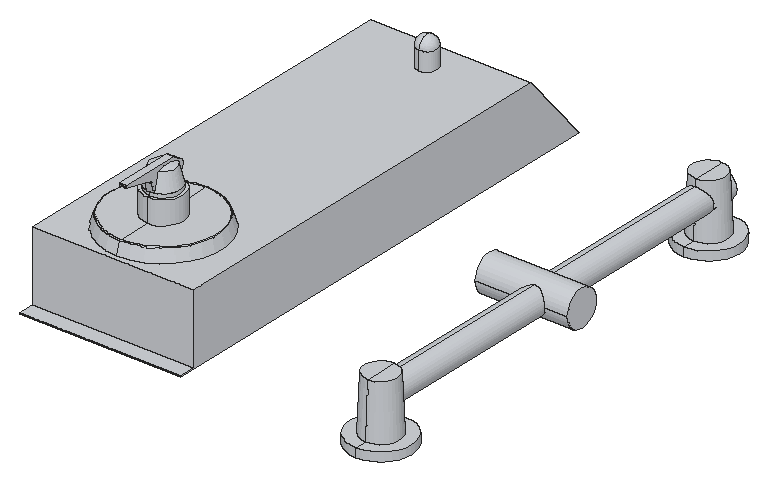
Revit family "Shower_Panel-Willoughby-CWSMS-ADA", category Plumbing Fixtures, Revit 2015
Parameters (values of type "Standard")
  Waste Connection = no
  Vent Connection = no
  URL = "https://www.willoughby-ind.com"
  Revision = "A"
  Model = "CWSMS-ADA"
  Manufacturer = "Willoughby Industries"
  HW Connection = no
  Fixture Body = Stainless Steel AISI 304-Willoughby
  Description = "ADA-Compliant, Surface Mounted Shower Panel"
  Default Elevation = 0' - 0"
  Contact = "(800)-428-4065"
  CW Connection = no
Reference planes (in)
  plane 1 "Water control": y = 3.5
  plane 2: z = 0
  plane 3 "Center (Left/Right)": x = 0
  plane 4 "Floor Level": y = -56.5
  plane 5 "shower Head HGT": y = 17.5
  plane 6 "Bottom Mountings": y = -2.5
  plane 7 "top mountings": y = 21.5
  plane 8: x = -4
  plane 9: x = 4
  plane 10 "shower HGT": y = 15.5
  plane 11: z = -4
  plane 12: z = 4
  plane 13 "CONTROLS PLANE": x = 5
  plane 14 "FX shower head": x = -6.5
Forms (in)
  Extrusion 1, solid
    sketch origin (0, 0, 0) x (0, 1, 0) y (0, 0, 1)
      loop
        line (17.1594, 0) -> (13.803, 4) -> (-9.8406, 4) -> (-9.8406, 0.06) -> (-10.75, 0.06) -> (-10.75, 0) -> (17.1594, 0)
    from -4.5 to 4.5
  Revolve 2, solid
    sketch origin (0, -0.61885, 0) x (0, -1, 0) y (0, 0, -1)
      loop
        line (8.7612, -4.6758) -> (8.9757, -4) -> (5.72175, -4) -> (5.72175, -7.1875) -> (5.72175, -7.2997)
        arc (5.72175, -7.2997) -> (6.07422, -7.27148) -> (6.41769, -7.1875) r 2.2133
        line (6.41769, -7.1875) -> (6.65339, -6.1998) -> (6.65339, -6.009) -> (6.8441, -6.009) -> (6.8441, -4.7071) -> (8.71843, -4.7071)
        arc (8.71843, -4.7071) -> (8.74493, -4.69844) -> (8.7612, -4.6758) r 0.04488
      axis (5.72175, -7.2997) -> (5.72175, -4)
    angle from 0 to 360
  Extrusion 3, solid
    sketch origin (0, -0.61885, 0) x (0, -1, 0) y (0, 0, -1)
      loop
        line (4.79011, -6.1998) -> (4.63611, -6.8338)
        arc (4.63611, -6.8338) -> (4.64491, -6.96783) -> (4.72866, -7.07283) r 0.22446
        line (4.72866, -7.07283) -> (5.21001, -7.3977) -> (8.54531, -7.3977) -> (8.54531, -7.3131)
        arc (8.54531, -7.3131) -> (8.52844, -7.27237) -> (8.48771, -7.2555) r 0.0576
        line (8.48771, -7.2555) -> (7.02571, -6.9312)
        arc (7.02571, -6.9312) -> (6.88003, -6.86404) -> (6.79551, -6.7277) r 0.27867
        line (6.79551, -6.7277) -> (6.65339, -6.1998) -> (4.79011, -6.1998)
    from -0.19922 to 0.19922
  Revolve 4, solid
    sketch origin (0, -1, 0) x (0, 1, 0) y (0, 0, -1)
      loop
        line (13.1594, -4) -> (13.1594, -5.586)
        arc (13.1594, -5.586) -> (13.55538, -5.42198) -> (13.7194, -5.026) r 0.56
        line (13.7194, -5.026) -> (13.7194, -4) -> (13.1594, -4)
      axis (13.1594, -5.586) -> (13.1594, -4)
    angle from 0 to 360
  Revolve 5, solid
    sketch origin (15, -29, 0) x (0, 1, 0) y (0, 0, 1)
      loop
        line (19.1594, 2.419) -> (43.1594, 2.419) -> (43.1594, 3.169) -> (19.1594, 3.169) -> (19.1594, 2.419)
      axis (19.1594, 2.419) -> (43.1594, 2.419)
    angle from 0 to 360
  Revolve 6, solid
    sketch origin (15, -29, 0) x (0, 1, 0) y (0, 0, 1)
      loop
        line (19.1594, 0) -> (20.8969, 0) -> (20.8969, 0.48962) -> (20.21037, 0.48962) -> (20.0909, 3.566) -> (19.1594, 3.566) -> (19.1594, 0)
      axis (19.1594, 3.566) -> (19.1594, 0)
    angle from 0 to 360
  Revolve 7, solid
    sketch origin (15, -6, 0) x (0, 1, 0) y (0, 0, 1)
      loop
        line (19.1594, 0) -> (20.8969, 0) -> (20.8969, 0.48962) -> (20.21037, 0.48962) -> (20.0909, 3.566) -> (19.1594, 3.566) -> (19.1594, 0)
      axis (19.1594, 3.566) -> (19.1594, 0)
    angle from 0 to 360
  Extrusion 8, solid
    sketch origin (15, -29, 0) x (0, 1, 0) y (0, 0, 1)
      loop
        circle (30.6594, 2.419) r 1.0155
    from 2.07031 to -3.08984
Lines and regions (in)
  symbolic lines
    curve 1: line (0, -2.5, 0) -> (0, 21.5, 0)
    curve 2: line (0, 21.5, 4) -> (0, 21.5, 0)
    curve 3: line (0, 21.5, 0) -> (0, -2.5, 0)
    curve 4: arc (-0.68026, 17.5, 0) -> (0, 18.18026, 0) -> (0.68026, 17.5, 0) r 0.68026
    curve 5: arc (0.68026, 17.5, 0) -> (0, 16.81974, 0) -> (-0.68026, 17.5, 0) r 0.68026
    curve 6: spline (-0.39996, 17.19994, 0) -> (-0.38633, 17.25179, 0) -> (-0.34637, 17.3001, 0) -> (-0.28281, 17.34159, 0) -> (-0.19998, 17.37342, 0) -> (-0.10352, 17.39343, 0) -> (0, 17.40026, 0) -> (0.10352, 17.39343, 0) -> (0.19998, 17.37342, 0) -> (0.28281, 17.34159, 0) -> (0.34637, 17.3001, 0) -> (0.38633, 17.25179, 0) -> (0.39996, 17.19994, 0)
    curve 7: line (-0.39996, 17.19994, 0) -> (-0.24316, 15.70816, 0)
    curve 8: line (0.39996, 17.19994, 0) -> (0.24316, 15.70816, 0)
    curve 9: arc (0.24316, 15.70816, 0) -> (0, 15.51166, 0) -> (-0.24316, 15.70816, 0) r 0.2487
    curve 10: line (0, 18.1924, 4) -> (0, 18.1924, 4.25)
    curve 11: line (0, 18.1924, 4.25) -> (0, 16.81974, 4.25)
    curve 12: line (0, 16.81974, 4.25) -> (0, 16.81974, 4)
    curve 13: line (0, 16.81974, 4.25) -> (0, 16.90572, 5.06802)
    curve 15: line (0, 18.1924, 4.25) -> (0, 18, 5.75)
    curve 16: arc (0, 18, 5.75) -> (0, 17.58183, 5.99886) -> (0, 17.11125, 5.8749) r 0.62899
    curve 17: line (0, 17.11125, 5.8749) -> (0, 15.88997, 6.58001)
    curve 18: arc (0, 15.88997, 6.58001) -> (0, 15.573, 6.53829) -> (0, 15.53127, 6.22132) r 0.26258
    curve 19: line (0, 17.11125, 5.8749) -> (0, 17.08923, 5.75)
    curve 20: arc (0, 17.08923, 5.75) -> (0, 17.13201, 5.54224) -> (0, 17.12596, 5.33022) r 0.91785
    curve 21: arc (0, 17.12596, 5.33022) -> (0, 17.03878, 5.18109) -> (0, 16.90706, 5.06934) r 0.51311
    curve 22: line (0, -2.5, 4) -> (0, -2.5, 0)
    curve 23: line (0, 6.1875, 4) -> (0, 5.89882, 4.5)
    curve 24: line (0, 5.89882, 4.5) -> (0, 1.10118, 4.5)
    curve 25: line (0, 1.10118, 4.5) -> (0, 0.8125, 4)
    curve 26: line (0, 4.25, 4.5) -> (0, 4.25, 4.66823)
    curve 27: line (0, 2.75, 4.5) -> (0, 2.75, 4.66823)
    curve 28: arc (0, 4.25, 4.66823) -> (0, 4.18576, 4.87109) -> (0, 4.01645, 5) r 0.35243
    curve 29: arc (0, 2.79871, 4.82082) -> (0, 2.76247, 4.74832) -> (0, 2.75, 4.66823) r 0.26338
    curve 30: line (0, 2.8534, 4.82082) -> (0, 1.26578, 4.82082)
    curve 31: line (0, 1.26578, 4.82082) -> (0, 1.26578, 5.25)
    curve 32: line (0, 1.26578, 5.25) -> (0, 4.01645, 5.25)
    curve 33: line (0, 4.01645, 5.25) -> (0, 4.01645, 4.96283)
    curve 34: line (0, 4.01645, 4.96283) -> (0, 3.95206, 5)
    curve 35: line (0, 3.95206, 5) -> (0, 3.05145, 5)
    curve 36: arc (0, 3.05145, 5) -> (0, 2.93632, 4.92822) -> (0, 2.8534, 4.82082) r 0.38329
    curve 37: line (-4, -2.5, 0) -> (-4, -3.5, 0)
    curve 38: line (-4, -3.5, 0) -> (4, -3.5, 0)
    curve 39: line (4, -3.5, 0) -> (4, -2.5, 0)
    curve 40: line (4, 8.5, 0) -> (-4, 8.5, 0)
    curve 41: line (-4, 8.5, 0) -> (-4, 8.5, 4)
    curve 42: line (-4, 8.5, 4) -> (4, 8.5, 4)
    curve 43: line (4, 8.5, 4) -> (4, 8.5, 0)
    curve 44: line (2.39882, 8.5, 4.5) -> (2.6875, 8.5, 4)
    curve 45: line (-2.39882, 8.5, 4.5) -> (-2.6875, 8.5, 4)
    curve 46: line (-2.39882, 8.5, 4.5) -> (2.39882, 8.5, 4.5)
    curve 47: line (0.68026, 8.5, 4) -> (0.68026, 8.5, 4.25)
    curve 48: line (-0.68026, 8.5, 4) -> (-0.68026, 8.5, 4.25)
    curve 49: line (-0.68026, 8.5, 4.25) -> (-0.5, 8.5, 5.75)
    curve 50: line (0.68026, 8.5, 4.25) -> (0.5, 8.5, 5.75)
    curve 51: arc (0.5, 8.5, 5.75) -> (0, 8.5, 5.99998) -> (-0.5, 8.5, 5.75) r 0.62503
    curve 52: line (0.32917, 8.5, 5.90628) -> (0.22611, 8.5, 6.49075)
    curve 53: line (-0.32372, 8.5, 5.90962) -> (-0.22125, 8.5, 6.49075)
    curve 54: arc (-0.22125, 8.5, 6.49075) -> (0.00243, 8.5, 6.61724) -> (0.22611, 8.5, 6.49075) r 0.26102
  symbolic lines, detail levels fine
    curve 14: line (0, 16.90572, 5.06802) -> (0, 15.53127, 6.22132)
  reference lines
    curve 55: line (0, -9.8406, 4) -> (0, -9.8406, 6.35842)
    curve 56: line (9, -9.8406, 0) -> (5, -9.8406, 0)
    curve 57: line (-9, 29.928, 0) -> (-6.5, 29.928, 0)
Dimensions and locks (in)
  plane 1 "Water control" to plane 4 "Floor Level" = 5' - 0"
  plane 8 to plane 3 "Center (Left/Right)" = 0' - 4"
  plane 3 "Center (Left/Right)" to plane 9 = 0' - 4"
  plane 6 "Bottom Mountings" to plane 1 "Water control" = 0' - 6"
  plane 5 "shower Head HGT" to plane 10 "shower HGT" = 0' - 2"
  plane 10 "shower HGT" to plane 4 "Floor Level" = 6' - 0"
  plane 7 "top mountings" to plane 6 "Bottom Mountings" = 2' - 0"
  plane 7 "top mountings" to plane 10 "shower HGT" = 0' - 6"
  plane 12 to level = 0' - 4"
  aligned and locked: plane 14 "FX shower head" to curve 57
  aligned and locked: Revolve 2 sketch curve to Revolve 2 sketch curve
  aligned and locked: Revolve 4 sketch curve to Revolve 4 sketch curve
  aligned and locked: Revolve 5 sketch curve to Revolve 5 sketch curve  (x2)
  aligned and locked: Revolve 6 sketch curve to Revolve 6 sketch curve  (x2)
  aligned and locked: Revolve 7 sketch curve to Revolve 7 sketch curve  (x2)
